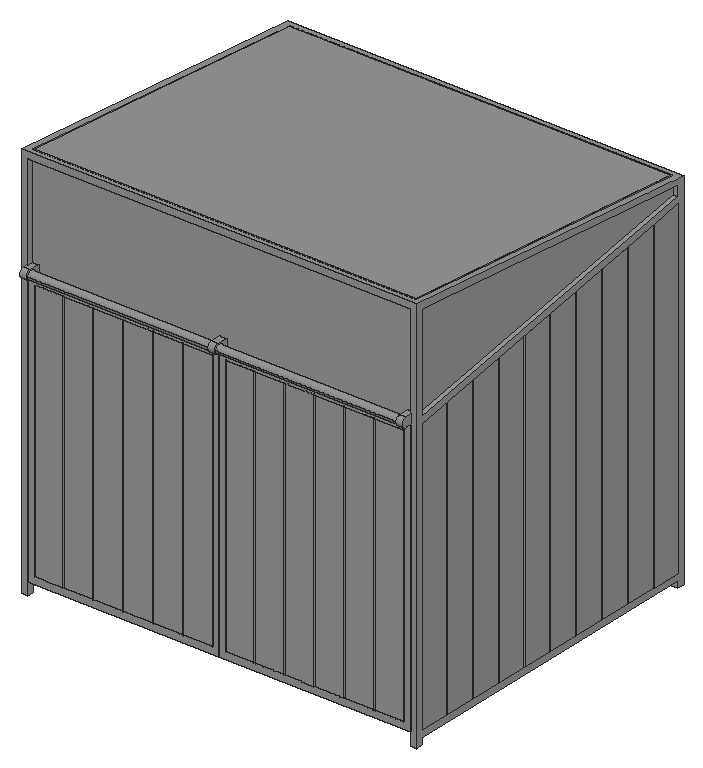
Revit family "Контейнерный шкаф «Модуль XL» Арт 13885", category Антураж, Revit 2018
Family settings
  На основе рабочей плоскости = Нет
  Всегда вертикально = Да
  При загрузке вырезать с полостями = Нет
  Источник визуального образа = Геометрия семейства
  Общий = Нет
  Точка расчета площади = Нет
Parameters (values of type "Версия "Сосна"")
  Ширина = 1290 mm  # constant formula
  Цвет отделки = Сосна
  Цвет каркаса = Сталь
  Описание = if([Версия "Лиственница"], "Контейнерный шкаф «Модуль XL». Версия «Лиственница»", "Контейнерный шкаф «Модуль XL». Версия «Сосна»")  # "Контейнерный шкаф «Модуль XL». Версия «Сосна»"
  Материал изделия = "Сталь, дерево"  # constant formula
  Изображение типоразмера = Контейнерный шкаф «Модуль XL» Арт 13885.jpg
  Изготовитель = "ООО «Хоббика»"  # constant formula
  Длина = 1530 mm  # constant formula
  Группа модели = "Контейнерные площадки для ТБО"  # constant formula
  Высота = 1540 mm  # constant formula
  Версия "Сосна" = not([Версия "Лиственница"])  # yes
  Версия "Лиственница" = no
  Артикул товара = "Арт. 13885"  # constant formula
  URL = "https://hobbyka.ru/product/konteynernyy_shkaf_modul_xl/"
Types (3, lengths in mm): name | Цвет отделки | Описание | Версия "Сосна" | Версия "Лиственница"
  (no name) | Сосна | "Контейнерный шкаф «Модуль XL». Версия «Сосна»" | yes | no
  Версия "Лиственница" | Лиственница | "Контейнерный шкаф «Модуль XL». Версия «Лиственница»" | no | yes
  Версия "Сосна" | Сосна | "Контейнерный шкаф «Модуль XL». Версия «Сосна»" | yes | no
Reference planes
  plane 1 "По центру (Вперед/Назад)": y = 0
  plane 2: z = 0
  plane 3 "По центру (Влево/Вправо)": x = 0
  plane 4: x = 1530
  plane 5: y = 1290
  plane 6: z = 1540
Forms (mm)
  Extrusion 1, solid, material "Сталь" <- "Цвет каркаса"
    sketch origin (0, 0, 0) x (0, 1, 0) y (0, 0, 1)
      loop
        line (1290, 0) -> (1290, 1420) -> (0, 1540) -> (0, 0) -> (25, 0) -> (25, 25) -> (1265, 25) -> (1265, 0) -> (1290, 0)
      loop
        line (1265, 1397.218) -> (25, 1512.566) -> (25, 1138.355) -> (1265, 1357) -> (1265, 1397.218)
      loop
        line (1265, 1331.614) -> (25, 1112.969) -> (25, 50) -> (1265, 50) -> (1265, 1331.614)
    from 0 to 25
  Extrusion 2, solid, material "Сталь" <- "Цвет каркаса"
    sketch origin (0, 0, 0) x (0, 1, 0) y (0, 0, 1)
      loop
        line (1290, 0) -> (1290, 1420) -> (0, 1540) -> (0, 0) -> (25, 0) -> (25, 25) -> (1265, 25) -> (1265, 0) -> (1290, 0)
      loop
        line (1265, 1397.218) -> (25, 1512.566) -> (25, 1138.355) -> (1265, 1357) -> (1265, 1397.218)
      loop
        line (1265, 1331.614) -> (25, 1112.969) -> (25, 50) -> (1265, 50) -> (1265, 1331.614)
    from 1505 to 1530
  Extrusion 3, solid, material "Сталь" <- "Цвет каркаса"
    sketch origin (0, 0, 0) x (0, 1, 0) y (0, 0, 1)
      loop
        line (25, 1537.674) -> (0, 1540) -> (0, 1514.892) -> (25, 1512.566) -> (25, 1537.674)
      loop
        line (1290, 1420) -> (1265, 1422.326) -> (1265, 1397.218) -> (1290, 1394.892) -> (1290, 1420)
      loop
        line (1265, 50) -> (1265, 25) -> (1290, 25) -> (1290, 50) -> (1265, 50)
    from 0 to 1530
  Extrusion 4, solid, material "Сталь" <- "Цвет каркаса"
    sketch origin (0, 0, 0) x (1, 0, 0) y (0, 0, 1)
      loop
        line (25, 1112.969) -> (25, 50) -> (765, 50) -> (765, 1112.969) -> (25, 1112.969)
      loop
        line (50, 1087.969) -> (50, 75) -> (740, 75) -> (740, 1087.969) -> (50, 1087.969)
    from 0 to -25
  Extrusion 5, solid, material "Сталь" <- "Цвет каркаса"
    sketch origin (740, 0, 0) x (1, 0, 0) y (0, 0, 1)
      loop
        line (25, 1112.969) -> (25, 50) -> (765, 50) -> (765, 1112.969) -> (25, 1112.969)
      loop
        line (50, 1087.969) -> (50, 75) -> (740, 75) -> (740, 1087.969) -> (50, 1087.969)
    from 0 to -25
  Extrusion 6, solid, material "Сталь" <- "Цвет каркаса"
    sketch origin (0, 0, 0) x (0, 1, 0) y (0, 0, 1)
      loop
        line (1265, 1397.218) -> (25, 1512.566) -> (25, 1138.355) -> (1265, 1357) -> (1265, 1397.218)
    from 20 to 25
  Extrusion 7, solid, material "Сталь" <- "Цвет каркаса"
    sketch origin (0, 0, 0) x (0, 1, 0) y (0, 0, 1)
      loop
        line (1265, 1397.218) -> (25, 1512.566) -> (25, 1138.355) -> (1265, 1357) -> (1265, 1397.218)
    from 1505 to 1510
  Extrusion 8, solid, material "Сталь" <- "Цвет каркаса"
    sketch origin (0, 0, 0) x (0, 1, 0) y (0, 0, 1)
      loop
        line (20, 1513.032) -> (20, 1112.969) -> (25, 1112.969) -> (25, 1512.566) -> (20, 1513.032)
    from 25 to 1505
  Extrusion 9, solid, material "Сосна" <- "Цвет отделки"
    sketch origin (0, 0, 0) x (0, 1, 0) y (0, 0, 1)
      loop
        line (1265, 1331.614) -> (1150, 1311.337) -> (1150, 50) -> (1265, 50) -> (1265, 1331.614)
    from 0 to 25
  Extrusion 10, solid, material "Сосна" <- "Цвет отделки"
    sketch origin (0, -1125, 0) x (0, 1, 0) y (0, 0, 1)
      loop
        line (1265, 1133.246) -> (1150, 1112.969) -> (1150, 50) -> (1265, 50) -> (1265, 1133.246)
    from 0 to 25
  Extrusion 11, solid, material "Сосна" <- "Цвет отделки"
    sketch origin (0, -125, 0) x (0, 1, 0) y (0, 0, 1)
      loop
        line (1265, 1309.573) -> (1150, 1289.296) -> (1150, 50) -> (1265, 50) -> (1265, 1309.573)
    from 0 to 25
  Extrusion 12, solid, material "Сосна" <- "Цвет отделки"
    sketch origin (0, -250, 0) x (0, 1, 0) y (0, 0, 1)
      loop
        line (1265, 1287.533) -> (1150, 1267.255) -> (1150, 50) -> (1265, 50) -> (1265, 1287.533)
    from 0 to 25
  Extrusion 13, solid, material "Сосна" <- "Цвет отделки"
    sketch origin (0, -375, 0) x (0, 1, 0) y (0, 0, 1)
      loop
        line (1265, 1265.492) -> (1150, 1245.214) -> (1150, 50) -> (1265, 50) -> (1265, 1265.492)
    from 0 to 25
  Extrusion 14, solid, material "Сосна" <- "Цвет отделки"
    sketch origin (0, -500, 0) x (0, 1, 0) y (0, 0, 1)
      loop
        line (1265, 1243.451) -> (1150, 1223.173) -> (1150, 50) -> (1265, 50) -> (1265, 1243.451)
    from 0 to 25
  Extrusion 15, solid, material "Сосна" <- "Цвет отделки"
    sketch origin (0, -625, 0) x (0, 1, 0) y (0, 0, 1)
      loop
        line (1265, 1221.41) -> (1150, 1201.132) -> (1150, 50) -> (1265, 50) -> (1265, 1221.41)
    from 0 to 25
  Extrusion 16, solid, material "Сосна" <- "Цвет отделки"
    sketch origin (0, -750, 0) x (0, 1, 0) y (0, 0, 1)
      loop
        line (1265, 1199.369) -> (1150, 1179.091) -> (1150, 50) -> (1265, 50) -> (1265, 1199.369)
    from 0 to 25
  Extrusion 17, solid, material "Сосна" <- "Цвет отделки"
    sketch origin (0, -875, 0) x (0, 1, 0) y (0, 0, 1)
      loop
        line (1265, 1177.328) -> (1150, 1157.051) -> (1150, 50) -> (1265, 50) -> (1265, 1177.328)
    from 0 to 25
  Extrusion 18, solid, material "Сосна" <- "Цвет отделки"
    sketch origin (0, -1000, 0) x (0, 1, 0) y (0, 0, 1)
      loop
        line (1265, 1155.287) -> (1150, 1135.01) -> (1150, 50) -> (1265, 50) -> (1265, 1155.287)
    from 0 to 25
  Extrusion 19, solid, material "Сосна" <- "Цвет отделки"
    sketch origin (0, 0, 0) x (0, 1, 0) y (0, 0, 1)
      loop
        line (1265, 1331.614) -> (1150, 1311.337) -> (1150, 50) -> (1265, 50) -> (1265, 1331.614)
    from 1505 to 1530
  Extrusion 20, solid, material "Сосна" <- "Цвет отделки"
    sketch origin (0, -1125, 0) x (0, 1, 0) y (0, 0, 1)
      loop
        line (1265, 1133.246) -> (1150, 1112.969) -> (1150, 50) -> (1265, 50) -> (1265, 1133.246)
    from 1505 to 1530
  Extrusion 21, solid, material "Сосна" <- "Цвет отделки"
    sketch origin (0, -125, 0) x (0, 1, 0) y (0, 0, 1)
      loop
        line (1265, 1309.573) -> (1150, 1289.296) -> (1150, 50) -> (1265, 50) -> (1265, 1309.573)
    from 1505 to 1530
  Extrusion 22, solid, material "Сосна" <- "Цвет отделки"
    sketch origin (0, -250, 0) x (0, 1, 0) y (0, 0, 1)
      loop
        line (1265, 1287.533) -> (1150, 1267.255) -> (1150, 50) -> (1265, 50) -> (1265, 1287.533)
    from 1505 to 1530
  Extrusion 23, solid, material "Сосна" <- "Цвет отделки"
    sketch origin (0, -375, 0) x (0, 1, 0) y (0, 0, 1)
      loop
        line (1265, 1265.492) -> (1150, 1245.214) -> (1150, 50) -> (1265, 50) -> (1265, 1265.492)
    from 1505 to 1530
  Extrusion 24, solid, material "Сосна" <- "Цвет отделки"
    sketch origin (0, -500, 0) x (0, 1, 0) y (0, 0, 1)
      loop
        line (1265, 1243.451) -> (1150, 1223.173) -> (1150, 50) -> (1265, 50) -> (1265, 1243.451)
    from 1505 to 1530
  Extrusion 25, solid, material "Сосна" <- "Цвет отделки"
    sketch origin (0, -625, 0) x (0, 1, 0) y (0, 0, 1)
      loop
        line (1265, 1221.41) -> (1150, 1201.132) -> (1150, 50) -> (1265, 50) -> (1265, 1221.41)
    from 1505 to 1530
  Extrusion 26, solid, material "Сосна" <- "Цвет отделки"
    sketch origin (0, -750, 0) x (0, 1, 0) y (0, 0, 1)
      loop
        line (1265, 1199.369) -> (1150, 1179.091) -> (1150, 50) -> (1265, 50) -> (1265, 1199.369)
    from 1505 to 1530
  Extrusion 27, solid, material "Сосна" <- "Цвет отделки"
    sketch origin (0, -875, 0) x (0, 1, 0) y (0, 0, 1)
      loop
        line (1265, 1177.328) -> (1150, 1157.051) -> (1150, 50) -> (1265, 50) -> (1265, 1177.328)
    from 1505 to 1530
  Extrusion 28, solid, material "Сосна" <- "Цвет отделки"
    sketch origin (0, -1000, 0) x (0, 1, 0) y (0, 0, 1)
      loop
        line (1265, 1155.287) -> (1150, 1135.01) -> (1150, 50) -> (1265, 50) -> (1265, 1155.287)
    from 1505 to 1530
  Extrusion 29, solid, material "Сосна" <- "Цвет отделки"
    sketch origin (0, 0, 0) x (1, 0, 0) y (0, 1, 0)
      loop
        line (25, 1290) -> (25, 1265) -> (140, 1265) -> (140, 1290) -> (25, 1290)
    from 50 to 1394.892
  Extrusion 30, solid, material "Сосна" <- "Цвет отделки"
    sketch origin (1365, 0, 0) x (1, 0, 0) y (0, 1, 0)
      loop
        line (25, 1290) -> (25, 1265) -> (140, 1265) -> (140, 1290) -> (25, 1290)
    from 50 to 1394.892
  Extrusion 31, solid, material "Сосна" <- "Цвет отделки"
    sketch origin (124.091, 0, 0) x (1, 0, 0) y (0, 1, 0)
      loop
        line (25, 1290) -> (25, 1265) -> (140, 1265) -> (140, 1290) -> (25, 1290)
    from 50 to 1394.892
  Extrusion 32, solid, material "Сосна" <- "Цвет отделки"
    sketch origin (248.182, 0, 0) x (1, 0, 0) y (0, 1, 0)
      loop
        line (25, 1290) -> (25, 1265) -> (140, 1265) -> (140, 1290) -> (25, 1290)
    from 50 to 1394.892
  Extrusion 33, solid, material "Сосна" <- "Цвет отделки"
    sketch origin (372.273, 0, 0) x (1, 0, 0) y (0, 1, 0)
      loop
        line (25, 1290) -> (25, 1265) -> (140, 1265) -> (140, 1290) -> (25, 1290)
    from 50 to 1394.892
  Extrusion 34, solid, material "Сосна" <- "Цвет отделки"
    sketch origin (496.364, 0, 0) x (1, 0, 0) y (0, 1, 0)
      loop
        line (25, 1290) -> (25, 1265) -> (140, 1265) -> (140, 1290) -> (25, 1290)
    from 50 to 1394.892
  Extrusion 35, solid, material "Сосна" <- "Цвет отделки"
    sketch origin (620.455, 0, 0) x (1, 0, 0) y (0, 1, 0)
      loop
        line (25, 1290) -> (25, 1265) -> (140, 1265) -> (140, 1290) -> (25, 1290)
    from 50 to 1394.892
  Extrusion 36, solid, material "Сосна" <- "Цвет отделки"
    sketch origin (744.545, 0, 0) x (1, 0, 0) y (0, 1, 0)
      loop
        line (25, 1290) -> (25, 1265) -> (140, 1265) -> (140, 1290) -> (25, 1290)
    from 50 to 1394.892
  Extrusion 37, solid, material "Сосна" <- "Цвет отделки"
    sketch origin (868.636, 0, 0) x (1, 0, 0) y (0, 1, 0)
      loop
        line (25, 1290) -> (25, 1265) -> (140, 1265) -> (140, 1290) -> (25, 1290)
    from 50 to 1394.892
  Extrusion 38, solid, material "Сосна" <- "Цвет отделки"
    sketch origin (992.727, 0, 0) x (1, 0, 0) y (0, 1, 0)
      loop
        line (25, 1290) -> (25, 1265) -> (140, 1265) -> (140, 1290) -> (25, 1290)
    from 50 to 1394.892
  Extrusion 39, solid, material "Сосна" <- "Цвет отделки"
    sketch origin (1116.818, 0, 0) x (1, 0, 0) y (0, 1, 0)
      loop
        line (25, 1290) -> (25, 1265) -> (140, 1265) -> (140, 1290) -> (25, 1290)
    from 50 to 1394.892
  Extrusion 40, solid, material "Сосна" <- "Цвет отделки"
    sketch origin (1240.909, 0, 0) x (1, 0, 0) y (0, 1, 0)
      loop
        line (25, 1290) -> (25, 1265) -> (140, 1265) -> (140, 1290) -> (25, 1290)
    from 50 to 1394.892
  Extrusion 41, solid, material "Сталь" <- "Цвет каркаса"
    sketch origin (0, 0, 0) x (0, 1, 0) y (0, 0, 1)
      loop
        line (1265, 1422.326) -> (25, 1537.674) -> (25, 1532.653) -> (1265, 1417.304) -> (1265, 1422.326)
    from 25 to 1505
  Extrusion 42, solid, material "Сосна" <- "Цвет отделки"
    sketch origin (0, 0, 0) x (1, 0, 0) y (0, 0, 1)
      loop
        line (50, 1087.969) -> (50, 75) -> (160, 75) -> (160, 1087.969) -> (50, 1087.969)
    from 0 to -25
  Extrusion 43, solid, material "Сосна" <- "Цвет отделки"
    sketch origin (580, 0, 0) x (1, 0, 0) y (0, 0, 1)
      loop
        line (50, 1087.969) -> (50, 75) -> (160, 75) -> (160, 1087.969) -> (50, 1087.969)
    from 0 to -25
  Extrusion 44, solid, material "Сосна" <- "Цвет отделки"
    sketch origin (116, 0, 0) x (1, 0, 0) y (0, 0, 1)
      loop
        line (50, 1087.969) -> (50, 75) -> (160, 75) -> (160, 1087.969) -> (50, 1087.969)
    from 0 to -25
  Extrusion 45, solid, material "Сосна" <- "Цвет отделки"
    sketch origin (232, 0, 0) x (1, 0, 0) y (0, 0, 1)
      loop
        line (50, 1087.969) -> (50, 75) -> (160, 75) -> (160, 1087.969) -> (50, 1087.969)
    from 0 to -25
  Extrusion 46, solid, material "Сосна" <- "Цвет отделки"
    sketch origin (348, 0, 0) x (1, 0, 0) y (0, 0, 1)
      loop
        line (50, 1087.969) -> (50, 75) -> (160, 75) -> (160, 1087.969) -> (50, 1087.969)
    from 0 to -25
  Extrusion 47, solid, material "Сосна" <- "Цвет отделки"
    sketch origin (464, 0, 0) x (1, 0, 0) y (0, 0, 1)
      loop
        line (50, 1087.969) -> (50, 75) -> (160, 75) -> (160, 1087.969) -> (50, 1087.969)
    from 0 to -25
  Extrusion 48, solid, material "Сосна" <- "Цвет отделки"
    sketch origin (740, 0, 0) x (1, 0, 0) y (0, 0, 1)
      loop
        line (50, 1087.969) -> (50, 75) -> (160, 75) -> (160, 1087.969) -> (50, 1087.969)
    from 0 to -25
  Extrusion 49, solid, material "Сосна" <- "Цвет отделки"
    sketch origin (1320, 0, 0) x (1, 0, 0) y (0, 0, 1)
      loop
        line (50, 1087.969) -> (50, 75) -> (160, 75) -> (160, 1087.969) -> (50, 1087.969)
    from 0 to -25
  Extrusion 50, solid, material "Сосна" <- "Цвет отделки"
    sketch origin (856, 0, 0) x (1, 0, 0) y (0, 0, 1)
      loop
        line (50, 1087.969) -> (50, 75) -> (160, 75) -> (160, 1087.969) -> (50, 1087.969)
    from 0 to -25
  Extrusion 51, solid, material "Сосна" <- "Цвет отделки"
    sketch origin (972, 0, 0) x (1, 0, 0) y (0, 0, 1)
      loop
        line (50, 1087.969) -> (50, 75) -> (160, 75) -> (160, 1087.969) -> (50, 1087.969)
    from 0 to -25
  Extrusion 52, solid, material "Сосна" <- "Цвет отделки"
    sketch origin (1088, 0, 0) x (1, 0, 0) y (0, 0, 1)
      loop
        line (50, 1087.969) -> (50, 75) -> (160, 75) -> (160, 1087.969) -> (50, 1087.969)
    from 0 to -25
  Extrusion 53, solid, material "Сосна" <- "Цвет отделки"
    sketch origin (1204, 0, 0) x (1, 0, 0) y (0, 0, 1)
      loop
        line (50, 1087.969) -> (50, 75) -> (160, 75) -> (160, 1087.969) -> (50, 1087.969)
    from 0 to -25
  Extrusion 54, solid, material "Сталь" <- "Цвет каркаса"
    sketch origin (0, 20, 10) x (0, 1, 0) y (0, 0, 1)
      loop
        line (0, 1137.969) -> (-40, 1137.969)
        arc (-40, 1137.969) -> (-57.5, 1120.469) -> (-40, 1102.969) r 17.5
        line (-40, 1102.969) -> (0, 1102.969) -> (0, 1137.969)
    from 25 to 50
  Extrusion 55, solid, material "Сталь" <- "Цвет каркаса"
    sketch origin (0, 20, 10) x (0, 1, 0) y (0, 0, 1)
      loop
        line (-40, 1102.969) -> (0, 1102.969) -> (0, 1137.969) -> (-40, 1137.969)
        arc (-40, 1137.969) -> (-57.5, 1120.469) -> (-40, 1102.969) r 17.5
    from 1480 to 1505
  Extrusion 56, solid, material "Сталь" <- "Цвет каркаса"
    sketch origin (0, 20, 35) x (0, 1, 0) y (0, 0, 1)
      loop
        line (-40, 1077.969) -> (0, 1077.969) -> (0, 1112.969) -> (-40, 1112.969)
        arc (-40, 1112.969) -> (-57.5, 1095.469) -> (-40, 1077.969) r 17.5
    from 752.5 to 777.5
  Extrusion 57, solid, material "Сталь" <- "Цвет каркаса"
    sketch origin (0, 20, 35) x (0, 1, 0) y (0, 0, 1)
      loop
        circle (-40, 1095.469) r 15
    from 50 to 1480
Cuts and joins
  joined: Extrusion 1, Extrusion 2, Extrusion 3
  joined: Extrusion 56, Extrusion 57
Dimensions and locks
  "Ширина": plane 5 to plane 1 "По центру (Вперед/Назад)"
  "Длина": plane 3 "По центру (Влево/Вправо)" to plane 4
  "Высота": plane 6 to plane 2
  cut or joined group of Extrusion 1, Extrusion 2, Extrusion 3 to cut or joined group of Extrusion 1, Extrusion 2, Extrusion 3 = 1240 mm
  equal spacing: group 1, group 3, group 4, group 5, group 6, group 7, group 8, group 9, group 10, group 11, group 12, group 2  (x3)
  aligned and locked: level to plane 2
Automatic sketch dimensions
  Extrusion 29 sketch curve to Extrusion 29 sketch curve = 115 mm
  Extrusion 29 sketch curve to Extrusion 29 sketch curve = 25 mm
  Extrusion 30 sketch curve to Extrusion 30 sketch curve = 115 mm
  Extrusion 30 sketch curve to Extrusion 30 sketch curve = 25 mm
  Extrusion 31 sketch curve to Extrusion 31 sketch curve = 115 mm
  Extrusion 31 sketch curve to Extrusion 31 sketch curve = 25 mm
  Extrusion 32 sketch curve to Extrusion 32 sketch curve = 115 mm
  Extrusion 32 sketch curve to Extrusion 32 sketch curve = 25 mm
  Extrusion 33 sketch curve to Extrusion 33 sketch curve = 115 mm
  Extrusion 33 sketch curve to Extrusion 33 sketch curve = 25 mm
  Extrusion 34 sketch curve to Extrusion 34 sketch curve = 115 mm
  Extrusion 34 sketch curve to Extrusion 34 sketch curve = 25 mm
  Extrusion 35 sketch curve to Extrusion 35 sketch curve = 115 mm
  Extrusion 35 sketch curve to Extrusion 35 sketch curve = 25 mm
  Extrusion 36 sketch curve to Extrusion 36 sketch curve = 115 mm
  Extrusion 36 sketch curve to Extrusion 36 sketch curve = 25 mm
  Extrusion 37 sketch curve to Extrusion 37 sketch curve = 115 mm
  Extrusion 37 sketch curve to Extrusion 37 sketch curve = 25 mm
  Extrusion 38 sketch curve to Extrusion 38 sketch curve = 115 mm
  Extrusion 38 sketch curve to Extrusion 38 sketch curve = 25 mm
  Extrusion 39 sketch curve to Extrusion 39 sketch curve = 115 mm
  Extrusion 39 sketch curve to Extrusion 39 sketch curve = 25 mm
  Extrusion 40 sketch curve to Extrusion 40 sketch curve = 115 mm
  Extrusion 40 sketch curve to Extrusion 40 sketch curve = 25 mm
  Extrusion 1 sketch curve to level = 0 mm  (x2)
  Extrusion 1 sketch curve to plane 1 "По центру (Вперед/Назад)" = 0 mm
  Extrusion 1 sketch curve to plane 5 = 0 mm
  Extrusion 1 sketch curve to plane 6 = 0 mm
  Extrusion 1 sketch curve to plane 1 "По центру (Вперед/Назад)" = 25 mm  (x3)
  Extrusion 1 sketch curve to plane 5 = 25 mm  (x3)
  level to Extrusion 1 sketch curve = 25 mm
  Extrusion 1 sketch curve to Extrusion 1 sketch curve = 25 mm
  Extrusion 1 sketch curve to plane 6 = 427.031 mm
  Extrusion 1 sketch curve to Extrusion 1 sketch curve = 25.386 mm  (x2)
  Extrusion 1 sketch curve to plane 6 = 208.386 mm
  Extrusion 1 sketch curve to Extrusion 1 sketch curve = 40.218 mm
  Extrusion 1 sketch curve to Extrusion 1 sketch curve = 22.782 mm
  Extrusion 1 sketch curve to plane 6 = 27.434 mm
  Extrusion 2 sketch curve to level = 0 mm  (x2)
  Extrusion 2 sketch curve to plane 1 "По центру (Вперед/Назад)" = 0 mm
  Extrusion 2 sketch curve to plane 5 = 0 mm
  Extrusion 2 sketch curve to plane 6 = 0 mm
  Extrusion 2 sketch curve to plane 1 "По центру (Вперед/Назад)" = 25 mm  (x3)
  Extrusion 2 sketch curve to plane 5 = 25 mm  (x3)
  level to Extrusion 2 sketch curve = 25 mm
  Extrusion 2 sketch curve to Extrusion 2 sketch curve = 25 mm
  Extrusion 2 sketch curve to plane 6 = 427.031 mm
  Extrusion 2 sketch curve to Extrusion 2 sketch curve = 25.386 mm  (x2)
  Extrusion 2 sketch curve to plane 6 = 208.386 mm
  Extrusion 2 sketch curve to Extrusion 2 sketch curve = 40.218 mm
  Extrusion 2 sketch curve to Extrusion 2 sketch curve = 22.782 mm
  Extrusion 2 sketch curve to plane 6 = 27.434 mm
  Extrusion 3 sketch curve to plane 1 "По центру (Вперед/Назад)" = 0 mm
  Extrusion 3 sketch curve to plane 5 = 0 mm  (x2)
  Extrusion 3 sketch curve to plane 6 = 0 mm
  Extrusion 3 sketch curve to plane 6 = 2.326 mm
  Extrusion 3 sketch curve to plane 1 "По центру (Вперед/Назад)" = 25 mm
  Extrusion 3 sketch curve to plane 5 = 25 mm  (x2)
  Extrusion 3 sketch curve to Extrusion 3 sketch curve = 25.108 mm  (x4)
  Extrusion 3 sketch curve to plane 6 = 117.674 mm
  Extrusion 3 sketch curve to Extrusion 3 sketch curve = 2.326 mm
  level to Extrusion 3 sketch curve = 50 mm
  level to Extrusion 3 sketch curve = 25 mm
  plane 3 "По центру (Влево/Вправо)" to Extrusion 4 sketch curve = 25 mm
  Extrusion 4 sketch curve to Extrusion 4 sketch curve = 25 mm  (x4)
  level to Extrusion 4 sketch curve = 75 mm
  Extrusion 4 sketch curve to Extrusion 4 sketch curve = 690 mm
  Extrusion 4 sketch curve to plane 6 = 452.031 mm
  level to Extrusion 5 sketch curve = 50 mm
  plane 3 "По центру (Влево/Вправо)" to Extrusion 5 sketch curve = 765 mm
  Extrusion 5 sketch curve to Extrusion 5 sketch curve = 25 mm  (x3)
  Extrusion 5 sketch curve to plane 4 = 50 mm
  Extrusion 5 sketch curve to plane 4 = 25 mm
  Extrusion 5 sketch curve to plane 6 = 452.031 mm
  Extrusion 6 sketch curve to plane 1 "По центру (Вперед/Назад)" = 25 mm
  Extrusion 6 sketch curve to plane 5 = 25 mm
  Extrusion 6 sketch curve to plane 6 = 401.645 mm
  Extrusion 6 sketch curve to plane 6 = 183 mm
  Extrusion 6 sketch curve to Extrusion 6 sketch curve = 40.218 mm
  Extrusion 6 sketch curve to plane 6 = 27.434 mm
  Extrusion 7 sketch curve to plane 1 "По центру (Вперед/Назад)" = 25 mm
  Extrusion 7 sketch curve to plane 5 = 25 mm
  Extrusion 7 sketch curve to plane 6 = 401.645 mm
  Extrusion 7 sketch curve to plane 6 = 183 mm
  Extrusion 7 sketch curve to Extrusion 7 sketch curve = 40.218 mm
  Extrusion 7 sketch curve to plane 6 = 27.434 mm
  Extrusion 8 sketch curve to plane 1 "По центру (Вперед/Назад)" = 20 mm
  Extrusion 8 sketch curve to Extrusion 8 sketch curve = 5 mm
  Extrusion 8 sketch curve to plane 6 = 427.031 mm
  Extrusion 8 sketch curve to plane 6 = 27.434 mm
  Extrusion 8 sketch curve to Extrusion 8 sketch curve = 0.465 mm
  Extrusion 9 sketch curve to plane 5 = 140 mm
  Extrusion 9 sketch curve to plane 5 = 25 mm
  level to Extrusion 9 sketch curve = 50 mm
  Extrusion 9 sketch curve to plane 6 = 228.663 mm
  Extrusion 9 sketch curve to Extrusion 9 sketch curve = 20.278 mm
  Extrusion 10 sketch curve to plane 1 "По центру (Вперед/Назад)" = 25 mm
  Extrusion 10 sketch curve to Extrusion 10 sketch curve = 115 mm
  level to Extrusion 10 sketch curve = 50 mm
  Extrusion 10 sketch curve to plane 6 = 427.031 mm
  Extrusion 10 sketch curve to Extrusion 10 sketch curve = 20.278 mm
  Extrusion 11 sketch curve to plane 5 = 265 mm
  Extrusion 11 sketch curve to Extrusion 11 sketch curve = 115 mm
  level to Extrusion 11 sketch curve = 50 mm
  Extrusion 11 sketch curve to plane 6 = 250.704 mm
  Extrusion 11 sketch curve to Extrusion 11 sketch curve = 20.278 mm
  Extrusion 12 sketch curve to plane 5 = 390 mm
  Extrusion 12 sketch curve to Extrusion 12 sketch curve = 115 mm
  level to Extrusion 12 sketch curve = 50 mm
  Extrusion 12 sketch curve to plane 6 = 272.745 mm
  Extrusion 12 sketch curve to Extrusion 12 sketch curve = 20.278 mm
  Extrusion 13 sketch curve to plane 5 = 515 mm
  Extrusion 13 sketch curve to Extrusion 13 sketch curve = 115 mm
  level to Extrusion 13 sketch curve = 50 mm
  Extrusion 13 sketch curve to plane 6 = 294.786 mm
  Extrusion 13 sketch curve to Extrusion 13 sketch curve = 20.278 mm
  Extrusion 14 sketch curve to plane 6 = 316.827 mm
  Extrusion 14 sketch curve to plane 5 = 640 mm
  Extrusion 14 sketch curve to Extrusion 14 sketch curve = 115 mm
  level to Extrusion 14 sketch curve = 50 mm
  Extrusion 14 sketch curve to Extrusion 14 sketch curve = 20.278 mm
  Extrusion 15 sketch curve to plane 1 "По центру (Вперед/Назад)" = 525 mm
  Extrusion 15 sketch curve to Extrusion 15 sketch curve = 115 mm
  level to Extrusion 15 sketch curve = 50 mm
  Extrusion 15 sketch curve to plane 6 = 338.868 mm
  Extrusion 15 sketch curve to Extrusion 15 sketch curve = 20.278 mm
  Extrusion 16 sketch curve to plane 1 "По центру (Вперед/Назад)" = 400 mm
  Extrusion 16 sketch curve to Extrusion 16 sketch curve = 115 mm
  level to Extrusion 16 sketch curve = 50 mm
  Extrusion 16 sketch curve to plane 6 = 360.909 mm
  Extrusion 16 sketch curve to Extrusion 16 sketch curve = 20.278 mm
  Extrusion 17 sketch curve to plane 1 "По центру (Вперед/Назад)" = 275 mm
  Extrusion 17 sketch curve to Extrusion 17 sketch curve = 115 mm
  level to Extrusion 17 sketch curve = 50 mm
  Extrusion 17 sketch curve to plane 6 = 382.949 mm
  Extrusion 17 sketch curve to Extrusion 17 sketch curve = 20.278 mm
  Extrusion 18 sketch curve to plane 1 "По центру (Вперед/Назад)" = 150 mm
  Extrusion 18 sketch curve to Extrusion 18 sketch curve = 115 mm
  level to Extrusion 18 sketch curve = 50 mm
  Extrusion 18 sketch curve to plane 6 = 404.99 mm
  Extrusion 18 sketch curve to Extrusion 18 sketch curve = 20.278 mm
  Extrusion 19 sketch curve to plane 5 = 140 mm
  Extrusion 19 sketch curve to plane 5 = 25 mm
  level to Extrusion 19 sketch curve = 50 mm
  Extrusion 19 sketch curve to plane 6 = 228.663 mm
  Extrusion 19 sketch curve to Extrusion 19 sketch curve = 20.278 mm
  Extrusion 20 sketch curve to plane 1 "По центру (Вперед/Назад)" = 25 mm
  Extrusion 20 sketch curve to Extrusion 20 sketch curve = 115 mm
  level to Extrusion 20 sketch curve = 50 mm
  Extrusion 20 sketch curve to plane 6 = 427.031 mm
  Extrusion 20 sketch curve to Extrusion 20 sketch curve = 20.278 mm
  Extrusion 21 sketch curve to plane 5 = 265 mm
  Extrusion 21 sketch curve to Extrusion 21 sketch curve = 115 mm
  level to Extrusion 21 sketch curve = 50 mm
  Extrusion 21 sketch curve to plane 6 = 250.704 mm
  Extrusion 21 sketch curve to Extrusion 21 sketch curve = 20.278 mm
  Extrusion 22 sketch curve to plane 5 = 390 mm
  Extrusion 22 sketch curve to Extrusion 22 sketch curve = 115 mm
  level to Extrusion 22 sketch curve = 50 mm
  Extrusion 22 sketch curve to plane 6 = 272.745 mm
  Extrusion 22 sketch curve to Extrusion 22 sketch curve = 20.278 mm
  Extrusion 23 sketch curve to plane 5 = 515 mm
  Extrusion 23 sketch curve to Extrusion 23 sketch curve = 115 mm
  level to Extrusion 23 sketch curve = 50 mm
  Extrusion 23 sketch curve to plane 6 = 294.786 mm
  Extrusion 23 sketch curve to Extrusion 23 sketch curve = 20.278 mm
  Extrusion 24 sketch curve to plane 6 = 316.827 mm
  Extrusion 24 sketch curve to plane 5 = 640 mm
  Extrusion 24 sketch curve to Extrusion 24 sketch curve = 115 mm
  level to Extrusion 24 sketch curve = 50 mm
  Extrusion 24 sketch curve to Extrusion 24 sketch curve = 20.278 mm
  Extrusion 25 sketch curve to plane 1 "По центру (Вперед/Назад)" = 525 mm
  Extrusion 25 sketch curve to Extrusion 25 sketch curve = 115 mm
  level to Extrusion 25 sketch curve = 50 mm
  Extrusion 25 sketch curve to plane 6 = 338.868 mm
  Extrusion 25 sketch curve to Extrusion 25 sketch curve = 20.278 mm
  Extrusion 26 sketch curve to plane 1 "По центру (Вперед/Назад)" = 400 mm
  Extrusion 26 sketch curve to Extrusion 26 sketch curve = 115 mm
  level to Extrusion 26 sketch curve = 50 mm
  Extrusion 26 sketch curve to plane 6 = 360.909 mm
  Extrusion 26 sketch curve to Extrusion 26 sketch curve = 20.278 mm
  Extrusion 27 sketch curve to plane 1 "По центру (Вперед/Назад)" = 275 mm
  Extrusion 27 sketch curve to Extrusion 27 sketch curve = 115 mm
  level to Extrusion 27 sketch curve = 50 mm
  Extrusion 27 sketch curve to plane 6 = 382.949 mm
  Extrusion 27 sketch curve to Extrusion 27 sketch curve = 20.278 mm
  Extrusion 28 sketch curve to plane 1 "По центру (Вперед/Назад)" = 150 mm
  Extrusion 28 sketch curve to Extrusion 28 sketch curve = 115 mm
  level to Extrusion 28 sketch curve = 50 mm
  Extrusion 28 sketch curve to plane 6 = 404.99 mm
  Extrusion 28 sketch curve to Extrusion 28 sketch curve = 20.278 mm
  Extrusion 41 sketch curve to plane 1 "По центру (Вперед/Назад)" = 25 mm
  Extrusion 41 sketch curve to plane 5 = 25 mm
  Extrusion 41 sketch curve to plane 6 = 2.326 mm
  Extrusion 41 sketch curve to Extrusion 41 sketch curve = 5.022 mm  (x2)
  Extrusion 41 sketch curve to plane 6 = 117.674 mm
  plane 3 "По центру (Влево/Вправо)" to Extrusion 42 sketch curve = 50 mm
  Extrusion 42 sketch curve to Extrusion 42 sketch curve = 110 mm
  level to Extrusion 42 sketch curve = 75 mm
  Extrusion 42 sketch curve to plane 6 = 452.031 mm
  level to Extrusion 43 sketch curve = 75 mm
  plane 3 "По центру (Влево/Вправо)" to Extrusion 43 sketch curve = 630 mm
  Extrusion 43 sketch curve to Extrusion 43 sketch curve = 110 mm
  Extrusion 43 sketch curve to plane 6 = 452.031 mm
  level to Extrusion 44 sketch curve = 75 mm
  plane 3 "По центру (Влево/Вправо)" to Extrusion 44 sketch curve = 166 mm
  Extrusion 44 sketch curve to Extrusion 44 sketch curve = 110 mm
  Extrusion 44 sketch curve to plane 6 = 452.031 mm
  level to Extrusion 45 sketch curve = 75 mm
  plane 3 "По центру (Влево/Вправо)" to Extrusion 45 sketch curve = 282 mm
  Extrusion 45 sketch curve to Extrusion 45 sketch curve = 110 mm
  Extrusion 45 sketch curve to plane 6 = 452.031 mm
  level to Extrusion 46 sketch curve = 75 mm
  plane 3 "По центру (Влево/Вправо)" to Extrusion 46 sketch curve = 398 mm
  Extrusion 46 sketch curve to Extrusion 46 sketch curve = 110 mm
  Extrusion 46 sketch curve to plane 6 = 452.031 mm
  level to Extrusion 47 sketch curve = 75 mm
  plane 3 "По центру (Влево/Вправо)" to Extrusion 47 sketch curve = 514 mm
  Extrusion 47 sketch curve to Extrusion 47 sketch curve = 110 mm
  Extrusion 47 sketch curve to plane 6 = 452.031 mm
  level to Extrusion 48 sketch curve = 75 mm
  Extrusion 48 sketch curve to plane 4 = 740 mm
  Extrusion 48 sketch curve to Extrusion 48 sketch curve = 110 mm
  Extrusion 48 sketch curve to plane 6 = 452.031 mm
  level to Extrusion 49 sketch curve = 75 mm
  Extrusion 49 sketch curve to plane 4 = 160 mm
  Extrusion 49 sketch curve to plane 4 = 50 mm
  Extrusion 49 sketch curve to plane 6 = 452.031 mm
  level to Extrusion 50 sketch curve = 75 mm
  Extrusion 50 sketch curve to plane 4 = 624 mm
  Extrusion 50 sketch curve to Extrusion 50 sketch curve = 110 mm
  Extrusion 50 sketch curve to plane 6 = 452.031 mm
  level to Extrusion 51 sketch curve = 75 mm
  Extrusion 51 sketch curve to plane 4 = 508 mm
  Extrusion 51 sketch curve to Extrusion 51 sketch curve = 110 mm
  Extrusion 51 sketch curve to plane 6 = 452.031 mm
  level to Extrusion 52 sketch curve = 75 mm
  Extrusion 52 sketch curve to plane 4 = 392 mm
  Extrusion 52 sketch curve to Extrusion 52 sketch curve = 110 mm
  Extrusion 52 sketch curve to plane 6 = 452.031 mm
  level to Extrusion 53 sketch curve = 75 mm
  Extrusion 53 sketch curve to plane 4 = 276 mm
  Extrusion 53 sketch curve to Extrusion 53 sketch curve = 110 mm
  Extrusion 53 sketch curve to plane 6 = 452.031 mm
  Extrusion 54 sketch curve to plane 1 "По центру (Вперед/Назад)" = 20 mm
  plane 1 "По центру (Вперед/Назад)" to Extrusion 54 sketch curve = 20 mm
  Extrusion 54 sketch curve to plane 6 = 427.031 mm
  Extrusion 54 sketch curve to Extrusion 54 sketch curve = 17.5 mm
  Extrusion 55 sketch curve to plane 1 "По центру (Вперед/Назад)" = 20 mm
  plane 1 "По центру (Вперед/Назад)" to Extrusion 55 sketch curve = 20 mm
  Extrusion 55 sketch curve to plane 6 = 427.031 mm
  Extrusion 55 sketch curve to Extrusion 55 sketch curve = 17.5 mm
  Extrusion 56 sketch curve to plane 1 "По центру (Вперед/Назад)" = 20 mm
  plane 1 "По центру (Вперед/Назад)" to Extrusion 56 sketch curve = 20 mm
  Extrusion 56 sketch curve to plane 6 = 427.031 mm
  Extrusion 56 sketch curve to Extrusion 56 sketch curve = 17.5 mm
  plane 1 "По центру (Вперед/Назад)" to Extrusion 57 sketch curve = 20 mm
  Extrusion 57 sketch curve to plane 6 = 409.531 mm
  radius of Extrusion 57 sketch curve = 15 mm
